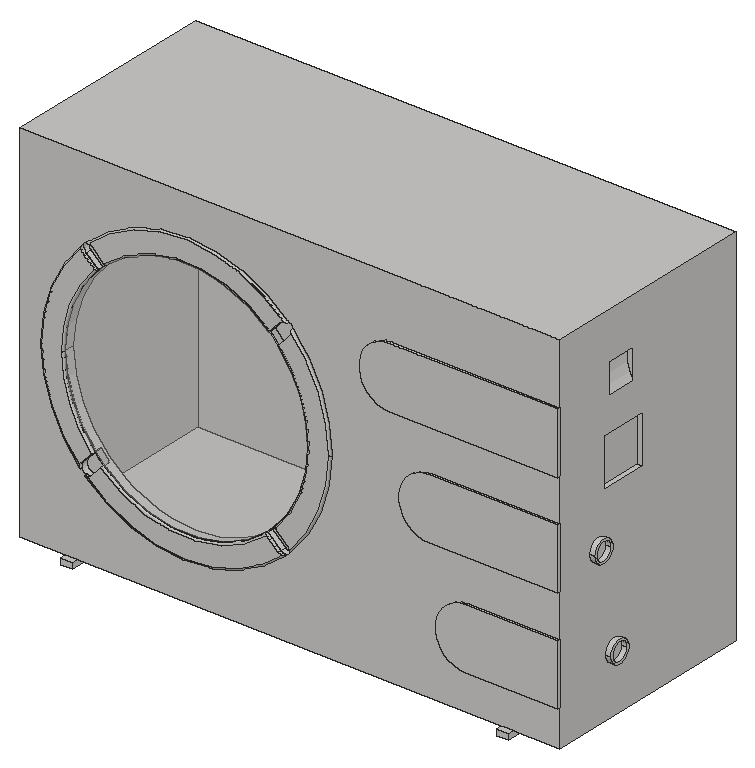
Revit family
Parameters (values of type "GT-SKR010B-07 PC")
  Outlet Radius = Outlet Diameter / 2  # 15 mm
  Inlet Radius = Inlet Diameter / 2  # 15 mm
  Inlet Diameter = 30 mm
  Outlet Diameter = 30 mm
  Width = 360 mm
  URL = "http://www.autospec.co.za/browse.php?id=1644179287"
  Rated Current = 4.5 A
  Net Weight = "48 Kg"
  Model = "Domestic Heat Pump"
  Material = ABS
  Manufacturer = "Kwikot"  # constant formula
  Length = 885 mm
  Input Power Rated = 1.0 kW
  Hot Water Output (liters/hr) = "75"
  Height = 600 mm
  Product Code = "GT-SKR010B-07 PC"
  OmniClass Title = ""
  OmniClass Number = ""
  Modspec Classification = ""
  Specification = ""
  Location (revit room) = ""
  Heating Capacity = 3.5 kW
  Water Heater Size (liters) = "100/150"
  Colour = none
  Body Finish = none
  Assembly Code = "D3060100"
Types (4, lengths in mm): name | Rated Current | Net Weight | Input Power Rated | Hot Water Output (liters/hr) | Product Code | Heating Capacity | Water Heater Size (liters)
  (no name) | 4.5 A | "48 Kg" | 1.0 kW | "75" | "GT-SKR010B-07 PC" | 3.5 kW | "100/150"
  GT-SKR010B-07 PC | 4.5 A | "48 Kg" | 1.0 kW | "75" | "GT-SKR010B-07 PC" | 3.5 kW | "100/150"
  GT-SKR015B-07 PC | 6 A | "55 Kg" | 1.5 kW | "110" | "GT-SKR015B-07 PC" | 5.5 kW | "200/250"
  GT-SKR020B-07 PC | 8.6 A | "58 Kg" | 1.85 kW | "150" | "GT-SKR020B-07 PC" | 7 kW | "450"
Reference planes
  plane 1 "Center (Front/Back)": y = 0
  plane 2: z = 0
  plane 3 "Center (Left/Right)": x = 0
  plane 4 "Top": z = 610
  plane 5: x = 885
  plane 6: y = 360
  plane 7: z = 10
Forms (mm)
  Extrusion 1, solid, material "ABS" <- "Material"
    sketch origin (-109.558, -1524, 10) x (-1, 0, 0) y (0, -1, 0)
      loop
        line (-109.558, -1524) -> (-994.558, -1524) -> (-994.558, -1884) -> (-109.558, -1884) -> (-109.558, -1524)
    from 0 to 600
  Extrusion 2, void
    sketch origin (0, 0, 0) x (1, 0, 0) y (0, 1, 0)
      loop
        line (15, 345) -> (15, 15) -> (870, 15) -> (870, 345) -> (15, 345)
    from 25 to 585
  Extrusion 3, void
    sketch origin (0, 0, 0) x (-1, 0, 0) y (0, 0, 1)
      loop
        circle (-275, 310) r 200
    from 0 to 15
  Extrusion 4, solid, material "ABS" <- "Material"
    sketch origin (0, 0, 0) x (1, 0, 0) y (0, 1, 0)
      loop
        line (75, -10) -> (95, -10) -> (95, 370) -> (75, 370) -> (75, -10)
      loop
        line (810, -10) -> (810, 370) -> (790, 370) -> (790, -10) -> (810, -10)
    from 0 to 10
  Sweep 5, solid, material "ABS"
    path origin (0, 0, 0) x (1, 0, 0) y (0, 0, 1)
      loop
        circle (275, 310) r 200
    profile origin (275, 0, 510) x (0, 0, 1) y (0, -1, 0)
      loop
        arc (35, 0) -> (37.5, 2.5) -> (35, 5) r 2.5
        line (35, 5) -> (2.5, 5)
        arc (2.5, 5) -> (0, 2.5) -> (2.5, 0) r 2.5
        line (2.5, 0) -> (35, 0)
  Extrusion 6, void
    sketch origin (0, 0, 0) x (-1, 0, 0) y (0, 0, 1)
      loop
        line (-128.409, 446.056) -> (-107.928, 464.477)
        arc (-107.928, 464.477) -> (-107.337, 480.014) -> (-122.884, 480.149) r 10.836
        line (-122.884, 480.149) -> (-143.985, 461.113)
        arc (-143.985, 461.113) -> (-135.993, 453.795) -> (-128.409, 446.056) r 200
    from -11.746 to 10
  Extrusion 7, void
    sketch origin (585, 0, 35) x (0, 0, -1) y (-1, 0, 0)
      loop
        line (-128.409, 446.056) -> (-107.928, 464.477)
        arc (-107.928, 464.477) -> (-107.337, 480.014) -> (-122.884, 480.149) r 10.836
        line (-122.884, 480.149) -> (-143.985, 461.113)
        arc (-143.985, 461.113) -> (-135.993, 453.795) -> (-128.409, 446.056) r 200
    from -11.746 to 10
  Extrusion 8, void
    sketch origin (550, 0, 620) x (1, 0, 0) y (0, 0, -1)
      loop
        line (-128.409, 446.056) -> (-107.928, 464.477)
        arc (-107.928, 464.477) -> (-107.337, 480.014) -> (-122.884, 480.149) r 10.836
        line (-122.884, 480.149) -> (-143.985, 461.113)
        arc (-143.985, 461.113) -> (-135.993, 453.795) -> (-128.409, 446.056) r 200
    from -11.746 to 10
  Extrusion 9, void
    sketch origin (-35, 0, 585) x (0, 0, 1) y (1, 0, 0)
      loop
        line (-128.409, 446.056) -> (-107.928, 464.477)
        arc (-107.928, 464.477) -> (-107.337, 480.014) -> (-122.884, 480.149) r 10.836
        line (-122.884, 480.149) -> (-143.985, 461.113)
        arc (-143.985, 461.113) -> (-135.993, 453.795) -> (-128.409, 446.056) r 200
    from -11.746 to 10
  Extrusion 10, solid, material "ABS Steel"
    sketch origin (0, 0, 0) x (1, 0, 0) y (0, 0, 1)
      loop
        circle (275, 310) r 200
    from 0 to 2.5
  Extrusion 11, solid, material "ABS"
    sketch origin (0, 0, 0) x (1, 0, 0) y (0, 0, 1)
      loop
        arc (609.991, 510) -> (559.991, 460) -> (609.991, 410) r 50
        line (609.991, 410) -> (885, 410) -> (885, 510) -> (609.991, 510)
      loop
        arc (674.991, 340) -> (624.991, 290) -> (674.991, 240) r 50
        line (674.991, 240) -> (885, 240) -> (885, 340) -> (674.991, 340)
      loop
        arc (734.991, 170) -> (684.991, 120) -> (734.991, 70) r 50
        line (734.991, 70) -> (885, 70) -> (885, 170) -> (734.991, 170)
    from 0 to 5
  Extrusion 12, void
    sketch origin (0, 0, 0) x (-1, 0, 0) y (0, 0, 1)
      loop
        line (-885, 533.452) -> (-885, 483.452)
        arc (-885, 483.452) -> (-875.285, 507.509) -> (-875, 533.452) r 70
        line (-875, 533.452) -> (-885, 533.452)
    from 100 to 150
  Extrusion 13, void
    sketch origin (885, -213.898, 1200) x (0, 1, 0) y (0, 0, 1)
      loop
        line (303.898, -770) -> (303.898, -850) -> (383.898, -850) -> (383.898, -770) -> (303.898, -770)
    from 0 to -10
  Extrusion 14, solid, material "ABS"
    sketch origin (885, -213.898, 1200) x (0, -1, 0) y (0, 0, 1)
      loop
        circle (-291.559, -931.341) r 15
      loop
        circle (-291.559, -931.341) r 18
    from 0 to -10
  Extrusion 15, solid, material "ABS"
    sketch origin (885, -213.898, 1200) x (0, -1, 0) y (0, 0, 1)
      loop
        circle (-324.158, -1092.547) r 15
      loop
        circle (-324.158, -1092.547) r 18
    from 0 to -10
Cuts and joins
  Extrusion 2, Extrusion 3, Extrusion 6, Extrusion 7, Extrusion 8, Extrusion 9, Extrusion 12, Extrusion 13 cuts Extrusion 1
  Extrusion 6, Extrusion 7, Extrusion 8, Extrusion 9 cuts Sweep 5
Lines and regions (mm)
  model lines
    curve 1: line (520, 0, 10) -> (520, 0, 610)
  symbolic lines
    curve 2: line (0, 360, 610) -> (0, 0, 610)
    curve 3: line (885, 360, 610) -> (0, 360, 610)
    curve 4: line (885, 0, 610) -> (885, 360, 610)
    curve 5: line (0, 0, 610) -> (885, 0, 610)
Dimensions and locks
  "Length": plane 3 "Center (Left/Right)" to plane 5
  "Width": plane 6 to plane 1 "Center (Front/Back)"
  plane 4 "Top" to cut or joined group 1 (Extrusion 1, Extrusion 2, Extrusion 3, Extrusion 6, Extrusion 7, Extrusion 8, Extrusion 9, Extrusion 12, Extrusion 13) = 25 mm
  Extrusion 3 sketch curve to plane 3 "Center (Left/Right)" = 275 mm
  plane 4 "Top" to Extrusion 3 sketch curve = 300 mm
  plane 7 to level = 10 mm
  "Height": plane 4 "Top" to plane 7
  radius of Extrusion 3 sketch curve = 200 mm
  aligned and locked: level to plane 2
  aligned and locked: plane 1 "Center (Front/Back)" to Extrusion 1 sketch curve
  aligned and locked: Extrusion 1 sketch curve to plane 3 "Center (Left/Right)"
  aligned and locked: plane 6 to Extrusion 1 sketch curve
  aligned and locked: Extrusion 1 sketch curve to plane 5
  aligned and locked: plane 4 "Top" to Extrusion 1
  aligned: Extrusion 1 to level
  aligned and locked: Extrusion 3 to Extrusion 2
  aligned and locked: cut or joined group 1 to plane 7
  aligned and locked: Extrusion 4 sketch curve to Extrusion 4 sketch curve  (x2)
  aligned and locked: curve 2 to cut or joined group 1
  aligned and locked: curve 3 to cut or joined group 1
  aligned and locked: curve 4 to cut or joined group 1
  aligned and locked: curve 5 to cut or joined group 1
  aligned and locked: Sweep 5 sketch curve to cut or joined group 1  (x2)
  aligned and locked: cut or joined group 1 to Sweep 5 sketch curve
  aligned and locked: Extrusion 6 sketch curve to cut or joined group 1
  aligned and locked: Extrusion 10 sketch curve to cut or joined group 1  (x2)
  aligned and locked: plane 5 to Extrusion 11 sketch curve
  aligned and locked: plane 5 to Extrusion 12 sketch curve
Automatic sketch dimensions
  plane 3 "Center (Left/Right)" to Extrusion 2 sketch curve = 15 mm
  plane 5 to Extrusion 2 sketch curve = 15 mm
  Extrusion 2 sketch curve to plane 1 "Center (Front/Back)" = 15 mm
  Extrusion 2 sketch curve to plane 6 = 15 mm
  curve 1 to plane 4 "Top" = 0 mm
  curve 1 to plane 7 = 0 mm
  plane 5 to curve 1 = 365 mm
  plane 6 to Extrusion 4 sketch curve = 10 mm
  plane 3 "Center (Left/Right)" to Extrusion 4 sketch curve = 75 mm
  Extrusion 4 sketch curve to Extrusion 4 sketch curve = 20 mm  (x2)
  plane 5 to Extrusion 4 sketch curve = 95 mm
  plane 1 "Center (Front/Back)" to Extrusion 4 sketch curve = 10 mm
  plane 1 "Center (Front/Back)" to curve 4 = 0 mm
  curve 3 to plane 3 "Center (Left/Right)" = 0 mm
  curve 4 to plane 6 = 0 mm
  curve 4 to plane 5 = 0 mm
  plane 1 "Center (Front/Back)" to Sweep 5 sketch curve = 2.5 mm
  Sweep 5 sketch curve to profile plane = 2.5 mm
  Sweep 5 sketch curve to Sweep 5 sketch curve = 32.5 mm
  Extrusion 6 sketch curve to Extrusion 6 sketch curve = 15.576 mm
  Extrusion 6 sketch curve to Extrusion 6 sketch curve = 21.101 mm
  Extrusion 6 sketch curve to Extrusion 6 sketch curve = 7.708 mm
  Extrusion 6 sketch curve to Extrusion 6 sketch curve = 7.248 mm
  Extrusion 6 sketch curve to Extrusion 6 sketch curve = 18.421 mm
  Extrusion 6 sketch curve to Extrusion 6 sketch curve = 8.056 mm
  Extrusion 6 sketch curve to Extrusion 6 sketch curve = 131.015 mm
  Extrusion 7 sketch curve to Extrusion 7 sketch curve = 15.576 mm
  Extrusion 7 sketch curve to Extrusion 7 sketch curve = 21.101 mm
  Extrusion 7 sketch curve to Extrusion 7 sketch curve = 7.708 mm
  Extrusion 7 sketch curve to Extrusion 7 sketch curve = 7.248 mm
  Extrusion 7 sketch curve to Extrusion 7 sketch curve = 18.421 mm
  Extrusion 7 sketch curve to Extrusion 7 sketch curve = 8.056 mm
  Extrusion 7 sketch curve to Extrusion 7 sketch curve = 131.015 mm
  Extrusion 8 sketch curve to Extrusion 8 sketch curve = 15.576 mm
  Extrusion 8 sketch curve to Extrusion 8 sketch curve = 21.101 mm
  Extrusion 8 sketch curve to Extrusion 8 sketch curve = 7.708 mm
  Extrusion 8 sketch curve to Extrusion 8 sketch curve = 7.248 mm
  Extrusion 8 sketch curve to Extrusion 8 sketch curve = 18.421 mm
  Extrusion 8 sketch curve to Extrusion 8 sketch curve = 8.056 mm
  Extrusion 8 sketch curve to Extrusion 8 sketch curve = 131.015 mm
  Extrusion 9 sketch curve to Extrusion 9 sketch curve = 15.576 mm
  Extrusion 9 sketch curve to Extrusion 9 sketch curve = 21.101 mm
  Extrusion 9 sketch curve to Extrusion 9 sketch curve = 7.708 mm
  Extrusion 9 sketch curve to Extrusion 9 sketch curve = 7.248 mm
  Extrusion 9 sketch curve to Extrusion 9 sketch curve = 18.421 mm
  Extrusion 9 sketch curve to Extrusion 9 sketch curve = 8.056 mm
  Extrusion 9 sketch curve to Extrusion 9 sketch curve = 131.015 mm
  plane 3 "Center (Left/Right)" to Extrusion 7 sketch curve = 275 mm
  plane 3 "Center (Left/Right)" to Extrusion 7 sketch curve = 138.944 mm
  plane 3 "Center (Left/Right)" to Extrusion 8 sketch curve = 275 mm
  plane 3 "Center (Left/Right)" to Extrusion 9 sketch curve = 275 mm
  Extrusion 9 sketch curve to Extrusion 9 sketch curve = 136.056 mm
  Extrusion 7 sketch curve to plane 4 "Top" = 300 mm
  Extrusion 8 sketch curve to plane 4 "Top" = 300 mm
  plane 7 to Extrusion 8 sketch curve = 163.944 mm
  Extrusion 9 sketch curve to plane 4 "Top" = 300 mm
  plane 5 to Extrusion 11 sketch curve = 0 mm  (x2)
  plane 5 to Extrusion 11 sketch curve = 210.009 mm
  Extrusion 11 sketch curve to Extrusion 11 sketch curve = 60 mm
  Extrusion 11 sketch curve to plane 4 "Top" = 100 mm
  Extrusion 11 sketch curve to Extrusion 11 sketch curve = 65 mm
  Extrusion 11 sketch curve to Extrusion 11 sketch curve = 50 mm  (x3)
  Extrusion 11 sketch curve to Extrusion 11 sketch curve = 70 mm  (x2)
  Extrusion 12 sketch curve to plane 5 = 58.926 mm
  Extrusion 12 sketch curve to Extrusion 12 sketch curve = 10 mm
  Extrusion 12 sketch curve to plane 4 "Top" = 126.548 mm
  Extrusion 12 sketch curve to Extrusion 12 sketch curve = 37.785 mm
  Extrusion 13 sketch curve to plane 1 "Center (Front/Back)" = 90 mm
  Extrusion 13 sketch curve to Extrusion 13 sketch curve = 80 mm  (x2)
  Extrusion 13 sketch curve to plane 4 "Top" = 260 mm
  Extrusion 14 sketch curve to plane 1 "Center (Front/Back)" = 77.66 mm
  plane 7 to Extrusion 14 sketch curve = 258.659 mm
  Extrusion 15 sketch curve to plane 1 "Center (Front/Back)" = 110.26 mm
  plane 7 to Extrusion 15 sketch curve = 97.453 mm
  radius of Extrusion 14 sketch curve = 15 mm
  radius of Extrusion 15 sketch curve = 15 mm
Connectors
  piping at (895, 110.26, 107.453), driven by "Inlet Radius"
    settings: on Extrusion 15, index 1, connector radius 15 mm, flow factor 0, pipe flow 0.0 L/s, pressure drop 0.0 Pa, fitting loss kfactor 0, connector angle 0.00°, fixture units 0, flow configuration 0, flow direction 1, fitting loss method 0, system type 20, connector reference index -1, connector utility 0, adjustable connector no, is connector primary yes, fitting loss table "", connector description "Inlet Pipe Diameter"
  piping at (895, 77.66, 268.659), driven by "Outlet Radius"
    settings: on Extrusion 14, index 2, connector radius 15 mm, flow factor 0, pipe flow 0.0 L/s, pressure drop 0.0 Pa, fitting loss kfactor 0, connector angle 0.00°, fixture units 0, flow configuration 0, flow direction 2, fitting loss method 0, system type 19, connector reference index -1, connector utility 0, adjustable connector no, is connector primary no, fitting loss table "", connector description "Outlet Pipe Diameter"
  electrical at (875, 130, 390), driven by "Input Power Rated"
    settings: on cut or joined group 1, index 3, voltage 0 V, apparent load 0.0 kW, apparent load phase1 1.0 kW, apparent load phase2 0.0 kW, apparent load phase3 0.0 kW, power factor 1, load classification "Other", number of poles 1, system type 31, power factor state 1, is connector primary yes, connector utility no, sub classification motor no, connector description ""
